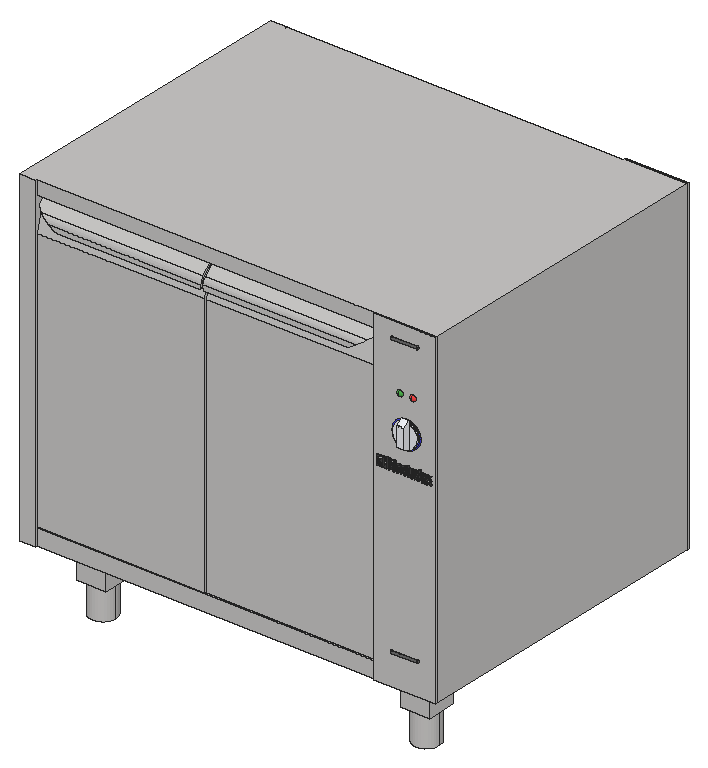
Revit family "QF_ELECTROLUXPROFESSIONAL_121835_TER2PE9DA", category Attrezzature speciali, Revit 2020
Family settings
  Quota connettore circolare = Usa diametro
  Tipo di parte = Normale
  Basato su piano di lavoro = No
  Sempre verticale = Sì
  Taglio con vuoti quando caricato = No
  Condiviso = No
  Punto di calcolo locali = No
Parameters (values of type "Standard")
  Weight = 28.00 kg
  Watts = 1600 W
  Volts = 230 V
  URL Manufacturer = "https://www.electroluxprofessional.com/"
  URL = "https://www.electroluxprofessional.com/"
  Steam Supply Size = 0 mm
  Steam Supply Minimum Pressure = 0.0 Pa
  Steam Supply Maximum Pressure = 0.0 Pa
  Steam Consumption per Hour = 0
  Refrigeration Suction Line Size = 0.0 mm
  Refrigeration Liquid Line Size = 0.0 mm
  Refrigerant Compressor Remote = yes
  Prospetto di default = 0.0 mm
  Phase = 1
  Modello = "TER2PE9DA"
  Produttore = "Electrolux Professional"
  Length Actual = 900.0 mm  # constant formula
  Item Number = "121835"
  Hot Water Size = 0 mm
  Height Actual = 860.0 mm  # constant formula
  HP = "2.1 HP"
  Gas Size = 0 mm
  Gas KW = 0
  Gas Input Pressure = 0 W
  Direct Waste Size = 0 mm
  Descrizione = "HOT CUPB.PASS-THRU 2+2HINGED DOORS 900MM"
  Depth Actual = 680.0 mm  # constant formula
  Cycle = 50 Hz
  Condensate Return Size = 0 mm
  Compressed Air Volume = 0.0 L/s
  Compressed Air Size = 0 mm
  Compressed Air Pressure = 0.0 Pa
  Cold Water Size = 0 mm
  Accessory = yes
Reference planes
  plane 1 "Center (Front/Back)": y = 0
  plane 2: z = 0
  plane 3 "Center (Left/Right)": x = -300
  plane 4 "LEFT": x = -750
  plane 5 "RIGHT": x = 150
  plane 6 "BACK": y = 340
  plane 7 "FRONT": y = -340
  plane 8 "Base": z = 860
  plane 9 "TOP": z = 900
  plane 10: x = -650
  plane 11: x = 50
  plane 12: y = 270
  plane 13: y = -240
  plane 14 "FEET": z = 150
  plane 15: x = 152.5
  plane 16: x = -716
  plane 17: y = -337
  plane 18: y = 297
  plane 19: x = 16
  plane 20 "EIy": x = 118
  plane 21 "EIx": y = -90
  plane 22: y = 337
Forms (mm)
  Extrusion 1, solid, material "QF_Finishes_Stainless Steel"
    sketch origin (0, 0, 150) x (-1, 0, 0) y (0, -1, 0)
      loop
        line (750, -340) -> (750, 340) -> (716, 340) -> (716, -340) -> (750, -340)
      loop
        line (-16, -340) -> (-16, 337) -> (-150, 337) -> (-150, -340) -> (-16, -340)
    from 0 to 710
  Extrusion 2, solid, material "QF_Finishes_Stainless Steel"
    sketch origin (0, 0, 150) x (-1, 0, 0) y (0, -1, 0)
      loop
        line (716, 337) -> (-16, 337) -> (-16, -337) -> (716, -337) -> (716, 337)
    from 0 to 35
  Extrusion 3, solid, material "QF_Finishes_Stainless Steel"
    sketch origin (0, 0, 0) x (1, 0, 0) y (0, 1, 0)
      loop
        line (-716, -337) -> (16, -337) -> (16, 337) -> (-716, 337) -> (-716, -337)
    from 830 to 860
  Extrusion 4, solid, material "QF_Finishes_Stainless Steel"
    sketch origin (0, -340, 0) x (-1, 0, 0) y (0, 0, 1)
      loop
        line (301, 185) -> (301, 187) -> (299, 187) -> (299, 185) -> (301, 185)
    from 45 to 43
  Extrusion 5, solid, material "QF_Finishes_Stainless Steel"
    sketch origin (0, 0, 150) x (-1, 0, 0) y (0, -1, 0)
      loop
        circle (-118, 90) r 10
    from 0 to -5
  Extrusion 6, solid, material "QF_Finishes_Stainless Steel"
    sketch origin (0, 340, 0) x (-1, 0, 0) y (0, 0, -1)
      loop
        line (301, -185) -> (299, -185) -> (299, -187) -> (301, -187) -> (301, -185)
    from 45 to 43
Cuts and joins
  joined: Extrusion 1, Extrusion 3
Lines and regions (mm)
  symbolic lines, style "SpecialityEquipmentHiddenLines"
    curve 1: line (150, -340, 900) -> (150, 340, 900)
    curve 2: line (-750, -344.5, 150) -> (-750, 340, 150)
    curve 3: line (-750, -340, 150) -> (-716, -340, 150)
    curve 4: line (-716, -340, 150) -> (-716, -337, 150)
    curve 5: line (-716, -337, 150) -> (16, -337, 150)
    curve 6: line (16, -337, 150) -> (16, -340, 150)
    curve 7: line (16, -340, 150) -> (150, -340, 150)
    curve 8: line (-750, 340, 150) -> (-716, 340, 150)
    curve 9: line (-716, 340, 150) -> (-716, 337, 150)
    curve 10: line (-716, 337, 150) -> (16, 337, 150)
    curve 11: line (16, 337, 150) -> (16, 340, 150)
    curve 12: line (16, 340, 150) -> (150, 340, 150)
Dimensions and locks
  plane 4 "LEFT" to plane 5 "RIGHT" = 900.0 mm
  equal spacing: plane 4 "LEFT", plane 3 "Center (Left/Right)", plane 5 "RIGHT"
  plane 6 "BACK" to plane 7 "FRONT" = 680.0 mm
  equal spacing: plane 6 "BACK", plane 1 "Center (Front/Back)", plane 7 "FRONT"
  locked: plane 14 "FEET" to level at 150
  locked: plane 4 "LEFT" to plane 10 at 100
  locked: plane 11 to plane 5 "RIGHT" at 100
  locked: plane 4 "LEFT" to plane 16 at 34
  plane 17 to plane 7 "FRONT" = 3.0 mm
  plane 6 "BACK" to plane 18 = 43.0 mm
  locked: plane 6 "BACK" to plane 12 at 70
  locked: plane 13 to plane 7 "FRONT" at 100
  locked: plane 8 "Base" to level at 860
  locked: plane 9 "TOP" to level at 900
  plane 19 to plane 5 "RIGHT" = 134.0 mm
  plane 20 "EIy" to plane 5 "RIGHT" = 32.0 mm
  plane 21 "EIx" to plane 7 "FRONT" = 250.0 mm
  plane 6 "BACK" to plane 22 = 3.0 mm
  nested 6 to nested 7 = 1400.0 mm
  aligned and locked: level to plane 2
  aligned and locked: plane 10 to nested 1
  aligned and locked: plane 11 to nested 2
  aligned and locked: nested 4 to plane 12
  aligned and locked: plane 10 to nested 3
  aligned and locked: nested 3 to plane 12
  aligned and locked: plane 8 "Base" to Extrusion 1
  aligned and locked: plane 6 "BACK" to Extrusion 1 sketch curve
  aligned and locked: Extrusion 1 sketch curve to plane 6 "BACK"
  aligned and locked: Extrusion 1 sketch curve to plane 7 "FRONT"
  aligned and locked: plane 16 to Extrusion 1
  aligned and locked: Extrusion 2 to plane 16
  aligned and locked: plane 8 "Base" to Extrusion 3
  aligned and locked: Extrusion 2 to plane 17
  aligned and locked: Extrusion 3 to plane 17
  aligned and locked: nested 1 to plane 13
  aligned and locked: nested 2 to plane 13
  aligned and locked: plane 19 to Extrusion 3
  aligned and locked: Extrusion 2 sketch curve to plane 19
Automatic sketch dimensions
  curve 1 to plane 5 "RIGHT" = 0.0 mm
  curve 1 to plane 7 "FRONT" = 0.0 mm
  plane 3 "Center (Left/Right)" to Extrusion 4 sketch curve = 1.0 mm
  Extrusion 4 sketch curve to plane 3 "Center (Left/Right)" = 1.0 mm
  plane 14 "FEET" to Extrusion 4 sketch curve = 35.0 mm
  Extrusion 4 sketch curve to Extrusion 4 sketch curve = 2.0 mm
  Extrusion 5 sketch curve to plane 20 "EIy" = 0.0 mm
  Extrusion 5 sketch curve to plane 21 "EIx" = 0.0 mm
  plane 3 "Center (Left/Right)" to Extrusion 6 sketch curve = 1.0 mm
  Extrusion 6 sketch curve to plane 3 "Center (Left/Right)" = 1.0 mm
  plane 14 "FEET" to Extrusion 6 sketch curve = 37.0 mm
  Extrusion 6 sketch curve to Extrusion 6 sketch curve = 2.0 mm
  curve 1 to plane 6 "BACK" = 0.0 mm
  Extrusion 1 sketch curve to plane 5 "RIGHT" = 0.0 mm
  Extrusion 1 sketch curve to plane 17 = 0.0 mm
  Extrusion 1 sketch curve to plane 19 = 0.0 mm
  Extrusion 1 sketch curve to plane 16 = 0.0 mm
  Extrusion 1 sketch curve to plane 4 "LEFT" = 0.0 mm
  Extrusion 2 sketch curve to plane 16 = 0.0 mm
  plane 22 to Extrusion 2 sketch curve = 0.0 mm
  Extrusion 2 sketch curve to plane 17 = 0.0 mm
  curve 7 to plane 5 "RIGHT" = 0.0 mm
  curve 12 to plane 5 "RIGHT" = 0.0 mm
  curve 12 to plane 6 "BACK" = 0.0 mm
  curve 12 to plane 19 = 0.0 mm
  curve 7 to plane 7 "FRONT" = 0.0 mm
  curve 7 to plane 19 = 0.0 mm
  curve 5 to plane 16 = 0.0 mm
  curve 8 to plane 6 "BACK" = 0.0 mm
  curve 8 to plane 16 = 0.0 mm
  curve 2 to plane 4 "LEFT" = 0.0 mm
  plane 22 to curve 9 = 0.0 mm
  curve 4 to plane 17 = 0.0 mm
  curve 4 to plane 7 "FRONT" = 0.0 mm
  curve 3 to curve 2 = 4.5 mm
  Extrusion 3 sketch curve to plane 16 = 0.0 mm
  Extrusion 3 sketch curve to plane 19 = 0.0 mm
  Extrusion 3 sketch curve to plane 17 = 0.0 mm
  plane 22 to Extrusion 3 sketch curve = 0.0 mm
  radius of Extrusion 5 sketch curve = 10.0 mm
Nested families
  nested 1: "FEET_L63-150" at (-650, -240, 0), type "FEET_L63-150"
  nested 2: "FEET_L63-150" at (50, -240, 0), type "FEET_L63-150"
  nested 3: "FEET_L63-150" at (-650, 270, 0), type "FEET_L63-150"
  nested 4: "FEET_L63-150" at (-150, 270, 0), type "FEET_L63-150"
  nested 5: "PANEL_ELX_HOTCUP_134" at (46.958, -337, 150) x (1, 0, 0) z (0, -1, 0), type "PANEL_ELX_HOTCUP_134"
    with Width 134.0 mm, Show Clearance yes
  nested 6: "H637_800_2DOORS" at (-313.958, -297, 150) x (-1, 0, 0) z (0, -1, 0), type "H637_800_2DOORS"
    with Width 800.0 mm, Show Clearance yes
  nested 7: "H637_800_2DOORS" at (-313.958, 297, 150) x (-1, 0, 0) z (0, 1, 0), type "H637_800_2DOORS"
    with Width 800.0 mm, Show Clearance yes
  nested 8: "PANEL_ELX_HOTCUP_134" at (120.042, 340, 150) x (-1, 0, 0) z (0, 1, 0), type "PANEL_ELX_HOTCUP_134"
    with Width 134.0 mm, Show Clearance yes
Connectors
  electrical at (118, -90, 145), driven by "Volts"
    settings: on Extrusion 5, index 1, voltage 230 V, apparent load 0 VA, apparent load phase1 0 VA, apparent load phase2 0 VA, apparent load phase3 0 VA, power factor 1, load classification "Other", number of poles 1, system type 30, power factor state 1, is connector primary yes, connector utility no, sub classification motor no, connector description "Electrical Connection"
Definition of nested family "FEET_L63-150"
  Parameters
    Default Elevation = 0.0 mm
    FEET = 150.0 mm
  Reference planes
    plane 1 "Center (Front/Back)": y = 0
    plane 2: z = 0
    plane 3 "Center (Left/Right)": x = 0
    plane 4: z = 150
  Forms (mm)
    Extrusion 1, solid
      sketch origin (0, 0, 0) x (1, 0, 0) y (0, 1, 0)
        loop
          circle (0, 0) r 28
      from 0 to 67
    Extrusion 2, solid
      sketch origin (0, 0, 0) x (1, 0, 0) y (0, 1, 0)
        loop
          line (31.561, 31.5) -> (-31.439, 31.5) -> (-31.439, -31.5) -> (31.561, -31.5) -> (31.561, 31.5)
      from 67 to 150 <- "FEET"
  Lines and regions (mm)
    symbolic lines
      curve 1: line (0, -1.503, 0) -> (0, 1.508, 0)
      curve 2: line (1.561, 0, 0) -> (-1.439, 0, 0)
  Dimensions and locks
    "FEET": plane 4 to plane 2
    aligned and locked: level to plane 2
  Automatic sketch dimensions
    plane 1 "Center (Front/Back)" to Extrusion 1 sketch curve = 0.0 mm
    Extrusion 1 sketch curve to plane 3 "Center (Left/Right)" = 0.0 mm
    plane 1 "Center (Front/Back)" to curve 2 = 0.0 mm
    curve 1 to plane 3 "Center (Left/Right)" = 0.0 mm
    curve 2 to plane 3 "Center (Left/Right)" = 1.439 mm
    plane 3 "Center (Left/Right)" to curve 2 = 1.561 mm
    plane 1 "Center (Front/Back)" to curve 1 = 1.503 mm
    curve 1 to plane 1 "Center (Front/Back)" = 1.508 mm
    Extrusion 2 sketch curve to plane 1 "Center (Front/Back)" = 31.5 mm
    Extrusion 2 sketch curve to plane 3 "Center (Left/Right)" = 31.439 mm
    plane 3 "Center (Left/Right)" to Extrusion 2 sketch curve = 31.561 mm
    plane 1 "Center (Front/Back)" to Extrusion 2 sketch curve = 31.5 mm
    radius of Extrusion 1 sketch curve = 28.0 mm
Definition of nested family "PANEL_ELX_HOTCUP_134"
  Parameters
    Width [instance] = 134.0 mm
    Show Clearance [instance] = yes
    Model = "727995"
    Height = 710.0 mm
    Default Elevation = 0.0 mm
  Reference planes
    plane 1 "Center (Front/Back)": y = 0
    plane 2: z = 0
    plane 3 "Center (Left/Right)": x = 36.042
    plane 4 "panel": z = 3
    plane 5 "Left": x = -30.958
    plane 6 "Right": x = 103.042
    plane 7: y = 710
    plane 8 "L1": x = 26.042
    plane 9 "L2": x = 54.042
    plane 10: y = 575
  Forms (mm)
    Extrusion 1, solid
      sketch origin (0, -919.2, 0) x (1, 0, 0) y (0, 1, 0)
        loop
          line (-980.5, 2119.2) -> (-980.5, -162.846) -> (881.94, -162.846) -> (881.94, 2119.2) -> (-980.5, 2119.2)
      from 0 to -59.546
    Extrusion 2, solid
      sketch origin (36.042, -190, 0) x (0, 1, 0) y (0, 0, 1)
        loop
          line (190, 3) -> (190, 0) -> (900, 0) -> (900, 3) -> (190, 3)
      from 67 to -67
    Extrusion 3, solid
      sketch origin (0, 0, 0) x (1, 0, 0) y (0, 1, 0)
        loop
          line (9.042, 673.5) -> (63.042, 673.5)
          arc (63.042, 673.5) -> (66.042, 676.5) -> (63.042, 679.5) r 3
          line (63.042, 679.5) -> (9.042, 679.5)
          arc (9.042, 679.5) -> (6.042, 676.5) -> (9.042, 673.5) r 3
        loop
          line (9.042, 65) -> (63.042, 65)
          arc (63.042, 65) -> (66.042, 68) -> (63.042, 71) r 3
          line (63.042, 71) -> (9.042, 71)
          arc (9.042, 71) -> (6.042, 68) -> (9.042, 65) r 3
      from 3 to 4.6
    Extrusion 4, solid
      sketch origin (0, 0, 0) x (1, 0, 0) y (0, 1, 0)
        loop
          circle (40.042, 500) r 30
      from 0 to 5
    Extrusion 5, solid
      sketch origin (0, 0, 0) x (1, 0, 0) y (0, 1, 0)
        loop
          circle (40.042, 500) r 26.788
      from 7 to 5
    Blend 6, solid
      base sketch origin (0, 0, 0) x (1, 0, 0) y (0, 1, 0)
        loop
          arc (48.106, 530.45) -> (40.022, 531.5) -> (31.94, 530.44) r 31.5
          line (31.94, 530.44) -> (31.94, 474.458)
          arc (31.94, 474.458) -> (40.023, 473.209) -> (48.106, 474.454) r 26.815
          line (48.106, 474.454) -> (48.106, 530.45)
      top sketch origin (0, 0, 0) x (1, 0, 0) y (0, 1, 0)
        loop
          arc (47.007, 520.889) -> (40.042, 522.019) -> (33.077, 520.889) r 22.019
          line (33.077, 520.889) -> (33.077, 480.699)
          arc (33.077, 480.699) -> (40.042, 479.481) -> (47.007, 480.699) r 20.519
          line (47.007, 480.699) -> (47.007, 520.889)
      from 7 to 20
    Revolve 7, solid
      sketch origin (26.042, 0, 0) x (0, 1, 0) y (0, 0, 1)
        loop
          line (575, 3) -> (581, 3)
          arc (581, 3) -> (578.606, 5.908) -> (575, 7) r 6.5
          line (575, 7) -> (575, 3)
        axis (575, 7) -> (575, 3)
      angle from 0 to 360
    Revolve 8, solid
      sketch origin (54.042, 0, 0) x (0, 1, 0) y (0, 0, 1)
        loop
          line (575, 3) -> (581, 3)
          arc (581, 3) -> (578.606, 5.908) -> (575, 7) r 6.5
          line (575, 7) -> (575, 3)
        axis (575, 7) -> (575, 3)
      angle from 0 to 360
  Dimensions and locks
    plane 4 "panel" to level = 3.0 mm
    "Width": plane 5 "Left" to plane 6 "Right"
    equal spacing: plane 5 "Left", plane 3 "Center (Left/Right)", plane 6 "Right"
    "Height": plane 1 "Center (Front/Back)" to plane 7
    aligned and locked: plane 2 to Extrusion 1
    aligned and locked: level to Extrusion 1
    aligned and locked: plane 7 to Extrusion 2
    aligned and locked: plane 6 "Right" to Extrusion 2
    aligned and locked: Extrusion 2 to plane 5 "Left"
    aligned and locked: plane 1 "Center (Front/Back)" to Extrusion 2
  Automatic sketch dimensions
    Extrusion 1 sketch curve to Extrusion 1 sketch curve = 1862.44 mm
    Extrusion 1 sketch curve to Extrusion 1 sketch curve = 2282.046 mm
    Extrusion 2 sketch curve to plane 1 "Center (Front/Back)" = 0.0 mm
    Extrusion 2 sketch curve to level = 0.0 mm
    Extrusion 2 sketch curve to plane 7 = 0.0 mm
    Extrusion 2 sketch curve to plane 4 "panel" = 0.0 mm
    Extrusion 3 sketch curve to plane 8 "L1" = 17.0 mm  (x2)
    plane 9 "L2" to Extrusion 3 sketch curve = 9.0 mm  (x2)
    Extrusion 3 sketch curve to plane 1 "Center (Front/Back)" = 65.0 mm
    Extrusion 3 sketch curve to Extrusion 3 sketch curve = 3.0 mm  (x2)
    Extrusion 3 sketch curve to plane 7 = 36.5 mm
    plane 3 "Center (Left/Right)" to Extrusion 4 sketch curve = 4.0 mm
    Extrusion 4 sketch curve to plane 10 = 75.0 mm
    plane 3 "Center (Left/Right)" to Extrusion 5 sketch curve = 4.0 mm
    Extrusion 5 sketch curve to plane 10 = 75.0 mm
    Blend 6 sketch curve to plane 3 "Center (Left/Right)" = 4.102 mm
    plane 3 "Center (Left/Right)" to Blend 6 sketch curve = 3.988 mm
    Blend 6 sketch curve to Blend 6 sketch curve = 0.012 mm
    Blend 6 sketch curve to plane 9 "L2" = 5.936 mm
    Blend 6 sketch curve to plane 10 = 100.546 mm
    Blend 6 sketch curve to Blend 6 sketch curve = 0.004 mm
    Blend 6 sketch curve to Blend 6 sketch curve = 0.024 mm
    Blend 6 sketch curve to Blend 6 sketch curve = 30.416 mm
    Blend 6 sketch curve to Blend 6 sketch curve = 0.0 mm  (x2)
    Blend 6 sketch curve to plane 3 "Center (Left/Right)" = 2.965 mm
    plane 3 "Center (Left/Right)" to Blend 6 sketch curve = 4.0 mm
    Blend 6 sketch curve to plane 9 "L2" = 7.035 mm
    Blend 6 sketch curve to plane 10 = 94.301 mm
    Blend 6 sketch curve to Blend 6 sketch curve = 19.301 mm
    Blend 6 sketch curve to Blend 6 sketch curve = 20.889 mm
    Revolve 7 sketch curve to plane 4 "panel" = 0.0 mm
    Revolve 7 sketch curve to plane 10 = 0.0 mm  (x2)
    plane 10 to Revolve 7 sketch curve = 6.0 mm
    level to Revolve 7 sketch curve = 0.5 mm
    Revolve 7 sketch curve to Revolve 7 sketch curve = 0.57 mm
    Revolve 7 sketch curve to Revolve 7 sketch curve = 2.941 mm
    Revolve 8 sketch curve to plane 4 "panel" = 0.0 mm
    Revolve 8 sketch curve to plane 10 = 0.0 mm  (x2)
    plane 10 to Revolve 8 sketch curve = 6.0 mm
    level to Revolve 8 sketch curve = 0.5 mm
    Revolve 8 sketch curve to Revolve 8 sketch curve = 0.57 mm
    Revolve 8 sketch curve to Revolve 8 sketch curve = 2.941 mm
    radius of Extrusion 4 sketch curve = 30.0 mm
    radius of Extrusion 5 sketch curve = 26.788 mm
  Nested families
    nested 1: "ELX_Professional_Logo_Small" at (36.042, 430.35, 3), type "ELX_Professional_Logo_Small"
      with Show Logo yes, Material_Logo none
  Definition of nested family "ELX_Professional_Logo_Small"
    Parameters
      Show Logo [instance] = yes
      Material_Logo [instance] = none
      Default Elevation = 0.0 mm
    Reference planes
      plane 1 "Centro (Fronte/Retro)": y = 0
      plane 2: z = 0
      plane 3 "Centro (Sinistra/Destra)": x = 0
    Forms (mm)
      Extrusion 1, solid
        sketch origin (0, 0, 0) x (1, 0, 0) y (0, 1, 0)
          loop
            line (-1219.2, 1219.2) -> (-1219.2, -1219.2) -> (1219.2, -1219.2) -> (1219.2, 1219.2) -> (-1219.2, 1219.2)
        from 0 to -304.8
      Extrusion 2, solid, material <- "Material_Logo"
        sketch origin (15.5, 0, 0) x (1, 0, 0) y (0, 1, 0)
          loop
            spline (-42.99, -1.24) -> (-43.195, -1.231) -> (-43.415, -1.203) -> (-43.642, -1.152) -> (-43.87, -1.074) -> (-44.095, -0.966) -> (-44.309, -0.825) -> (-44.506, -0.647) -> (-44.681, -0.429) -> (-44.828, -0.167) -> (-44.94, 0.142) -> (-45.011, 0.501) -> (-45.037, 0.915)
            line (-45.037, 0.915) -> (-45.037, 2.748) -> (-38.984, 2.748) -> (-38.984, 5.086) -> (-45.038, 5.086) -> (-45.038, 8.489) -> (-38.599, 8.489) -> (-38.599, 10.82) -> (-47.515, 10.82) -> (-47.515, 1.021)
            spline (-47.515, 1.021) -> (-47.493, 0.418) -> (-47.425, -0.15) -> (-47.311, -0.682) -> (-47.15, -1.175) -> (-46.939, -1.628) -> (-46.678, -2.038) -> (-46.365, -2.404) -> (-46, -2.723) -> (-45.58, -2.995) -> (-45.105, -3.216) -> (-44.573, -3.385) -> (-43.983, -3.499)
            line (-43.983, -3.499) -> (-43.01, -3.569) -> (-38.426, -3.569) -> (-38.426, -1.24) -> (-42.99, -1.24)
          loop
            line (-36.666, 4.021) -> (-36.666, -3.573) -> (-34.188, -3.573) -> (-34.188, 10.824) -> (-36.666, 10.824) -> (-36.666, 4.021)
          loop
            spline (-21.915, 1.897) -> (-21.957, 2.615) -> (-22.082, 3.303) -> (-22.285, 3.955) -> (-22.563, 4.564) -> (-22.913, 5.124) -> (-23.331, 5.629) -> (-23.814, 6.074) -> (-24.359, 6.451) -> (-24.961, 6.755) -> (-25.618, 6.98) -> (-26.326, 7.119) -> (-27.081, 7.167)
            spline (-27.081, 7.167) -> (-27.853, 7.122) -> (-28.586, 6.99) -> (-29.275, 6.774) -> (-29.915, 6.478) -> (-30.5, 6.104) -> (-31.024, 5.657) -> (-31.483, 5.138) -> (-31.871, 4.553) -> (-32.182, 3.904) -> (-32.411, 3.194) -> (-32.552, 2.427) -> (-32.6, 1.606)
            spline (-32.6, 1.606) -> (-32.553, 0.805) -> (-32.416, 0.057) -> (-32.193, -0.637) -> (-31.887, -1.271) -> (-31.504, -1.843) -> (-31.048, -2.35) -> (-30.523, -2.788) -> (-29.934, -3.154) -> (-29.284, -3.444) -> (-28.579, -3.656) -> (-27.822, -3.785) -> (-27.019, -3.829)
            spline (-27.019, -3.829) -> (-26.627, -3.82) -> (-26.239, -3.79) -> (-25.856, -3.739) -> (-25.477, -3.663) -> (-25.103, -3.562) -> (-24.734, -3.432) -> (-24.369, -3.273) -> (-24.01, -3.082) -> (-23.655, -2.858) -> (-23.305, -2.597) -> (-22.96, -2.299) -> (-22.621, -1.962)
            line (-22.621, -1.962) -> (-24.114, -0.509)
            spline (-24.114, -0.509) -> (-24.311, -0.699) -> (-24.509, -0.872) -> (-24.71, -1.03) -> (-24.915, -1.172) -> (-25.126, -1.297) -> (-25.346, -1.407) -> (-25.576, -1.5) -> (-25.817, -1.576) -> (-26.072, -1.636) -> (-26.342, -1.678) -> (-26.629, -1.704) -> (-26.936, -1.713)
            spline (-26.936, -1.713) -> (-27.384, -1.691) -> (-27.805, -1.625) -> (-28.196, -1.518) -> (-28.556, -1.372) -> (-28.882, -1.187) -> (-29.174, -0.966) -> (-29.429, -0.71) -> (-29.645, -0.422) -> (-29.821, -0.102) -> (-29.955, 0.247) -> (-30.045, 0.623) -> (-30.089, 1.026)
            line (-30.089, 1.026) -> (-21.956, 1.026) -> (-21.915, 1.897)
          loop
            spline (-24.446, 2.769) -> (-24.47, 3.075) -> (-24.54, 3.37) -> (-24.654, 3.65) -> (-24.807, 3.913) -> (-24.996, 4.156) -> (-25.219, 4.376) -> (-25.472, 4.57) -> (-25.753, 4.736) -> (-26.057, 4.869) -> (-26.382, 4.968) -> (-26.724, 5.03) -> (-27.081, 5.051)
            spline (-27.081, 5.051) -> (-27.464, 5.03) -> (-27.832, 4.97) -> (-28.183, 4.872) -> (-28.513, 4.74) -> (-28.819, 4.577) -> (-29.099, 4.384) -> (-29.347, 4.165) -> (-29.563, 3.923) -> (-29.742, 3.659) -> (-29.881, 3.377) -> (-29.977, 3.079) -> (-30.027, 2.769)
            line (-30.027, 2.769) -> (-24.446, 2.769)
          loop
            spline (-18.167, 1.669) -> (-18.138, 2.13) -> (-18.055, 2.567) -> (-17.921, 2.978) -> (-17.739, 3.358) -> (-17.512, 3.705) -> (-17.243, 4.016) -> (-16.937, 4.287) -> (-16.596, 4.517) -> (-16.223, 4.7) -> (-15.823, 4.835) -> (-15.398, 4.919) -> (-14.951, 4.947)
            spline (-14.951, 4.947) -> (-14.677, 4.938) -> (-14.414, 4.913) -> (-14.162, 4.871) -> (-13.921, 4.812) -> (-13.69, 4.738) -> (-13.467, 4.649) -> (-13.254, 4.544) -> (-13.048, 4.424) -> (-12.85, 4.291) -> (-12.659, 4.143) -> (-12.474, 3.981) -> (-12.295, 3.806)
            line (-12.295, 3.806) -> (-10.76, 5.403)
            spline (-10.76, 5.403) -> (-11.065, 5.709) -> (-11.38, 5.984) -> (-11.703, 6.228) -> (-12.035, 6.443) -> (-12.375, 6.63) -> (-12.723, 6.788) -> (-13.078, 6.92) -> (-13.44, 7.026) -> (-13.809, 7.107) -> (-14.184, 7.164) -> (-14.564, 7.198) -> (-14.951, 7.209)
            spline (-14.951, 7.209) -> (-15.725, 7.161) -> (-16.467, 7.02) -> (-17.169, 6.792) -> (-17.826, 6.482) -> (-18.43, 6.096) -> (-18.976, 5.637) -> (-19.455, 5.112) -> (-19.862, 4.525) -> (-20.19, 3.882) -> (-20.433, 3.189) -> (-20.584, 2.449) -> (-20.635, 1.669)
            spline (-20.635, 1.669) -> (-20.584, 0.889) -> (-20.433, 0.149) -> (-20.19, -0.545) -> (-19.862, -1.187) -> (-19.455, -1.774) -> (-18.976, -2.299) -> (-18.43, -2.758) -> (-17.826, -3.145) -> (-17.169, -3.454) -> (-16.467, -3.682) -> (-15.725, -3.823) -> (-14.951, -3.871)
            spline (-14.951, -3.871) -> (-14.564, -3.86) -> (-14.184, -3.826) -> (-13.809, -3.77) -> (-13.44, -3.689) -> (-13.078, -3.583) -> (-12.723, -3.451) -> (-12.375, -3.292) -> (-12.035, -3.105) -> (-11.703, -2.89) -> (-11.38, -2.646) -> (-11.065, -2.371) -> (-10.76, -2.066)
            line (-10.76, -2.066) -> (-12.295, -0.468)
            spline (-12.295, -0.468) -> (-12.474, -0.643) -> (-12.659, -0.805) -> (-12.85, -0.953) -> (-13.048, -1.087) -> (-13.254, -1.206) -> (-13.467, -1.311) -> (-13.69, -1.4) -> (-13.921, -1.475) -> (-14.162, -1.533) -> (-14.414, -1.575) -> (-14.677, -1.6) -> (-14.951, -1.609)
            spline (-14.951, -1.609) -> (-15.398, -1.581) -> (-15.823, -1.497) -> (-16.223, -1.362) -> (-16.596, -1.179) -> (-16.937, -0.95) -> (-17.243, -0.678) -> (-17.512, -0.367) -> (-17.739, -0.02) -> (-17.921, 0.36) -> (-18.055, 0.771) -> (-18.138, 1.208) -> (-18.167, 1.669)
          loop
            spline (-4.441, -1.243) -> (-4.659, -1.247) -> (-4.894, -1.23) -> (-5.137, -1.19) -> (-5.384, -1.121) -> (-5.628, -1.021) -> (-5.864, -0.884) -> (-6.084, -0.708) -> (-6.283, -0.488) -> (-6.454, -0.219) -> (-6.592, 0.101) -> (-6.69, 0.478) -> (-6.742, 0.914)
            line (-6.742, 0.914) -> (-6.742, 4.587) -> (-4.487, 4.587) -> (-4.487, 6.838) -> (-6.738, 6.838) -> (-6.738, 10.824) -> (-9.217, 10.824) -> (-9.217, 0.773)
            spline (-9.217, 0.773) -> (-9.164, 0.19) -> (-9.068, -0.358) -> (-8.928, -0.87) -> (-8.742, -1.343) -> (-8.511, -1.777) -> (-8.232, -2.168) -> (-7.904, -2.515) -> (-7.527, -2.816) -> (-7.098, -3.069) -> (-6.618, -3.273) -> (-6.084, -3.426) -> (-5.496, -3.525)
            line (-5.496, -3.525) -> (-4.45, -3.573) -> (-4.441, -1.243)
          loop
            spline (3.898, 6.983) -> (3.469, 7.009) -> (3.056, 7.001) -> (2.661, 6.961) -> (2.283, 6.888) -> (1.925, 6.785) -> (1.588, 6.652) -> (1.272, 6.49) -> (0.979, 6.301) -> (0.71, 6.085) -> (0.465, 5.844) -> (0.247, 5.578) -> (0.056, 5.289)
            line (0.056, 5.289) -> (0.056, 6.838) -> (-2.402, 6.838) -> (-2.402, -3.572) -> (0.056, -3.572) -> (0.056, 1.901)
            spline (0.056, 1.901) -> (0.079, 2.316) -> (0.145, 2.703) -> (0.254, 3.06) -> (0.404, 3.386) -> (0.592, 3.679) -> (0.818, 3.938) -> (1.08, 4.162) -> (1.375, 4.348) -> (1.703, 4.495) -> (2.062, 4.602) -> (2.45, 4.668) -> (2.865, 4.69)
            line (2.865, 4.69) -> (3.898, 4.586) -> (3.898, 6.983)
          loop
            spline (15.638, 1.633) -> (15.586, 2.396) -> (15.435, 3.124) -> (15.192, 3.81) -> (14.863, 4.449) -> (14.455, 5.034) -> (13.975, 5.56) -> (13.43, 6.021) -> (12.826, 6.411) -> (12.17, 6.724) -> (11.469, 6.955) -> (10.729, 7.098) -> (9.958, 7.147)
            spline (9.958, 7.147) -> (9.182, 7.098) -> (8.44, 6.955) -> (7.737, 6.724) -> (7.081, 6.411) -> (6.477, 6.021) -> (5.933, 5.56) -> (5.454, 5.034) -> (5.048, 4.449) -> (4.721, 3.81) -> (4.479, 3.124) -> (4.329, 2.396) -> (4.277, 1.633)
            spline (4.277, 1.633) -> (4.329, 0.869) -> (4.479, 0.141) -> (4.721, -0.544) -> (5.048, -1.183) -> (5.454, -1.768) -> (5.933, -2.294) -> (6.477, -2.755) -> (7.081, -3.145) -> (7.737, -3.459) -> (8.44, -3.69) -> (9.182, -3.833) -> (9.958, -3.882)
            spline (9.958, -3.882) -> (10.729, -3.833) -> (11.469, -3.69) -> (12.17, -3.459) -> (12.826, -3.145) -> (13.43, -2.755) -> (13.975, -2.294) -> (14.455, -1.768) -> (14.863, -1.183) -> (15.192, -0.544) -> (15.435, 0.141) -> (15.586, 0.869) -> (15.638, 1.633)
          loop
            spline (13.18, 1.633) -> (13.151, 2.083) -> (13.067, 2.513) -> (12.932, 2.918) -> (12.748, 3.296) -> (12.52, 3.642) -> (12.251, 3.954) -> (11.943, 4.227) -> (11.601, 4.459) -> (11.228, 4.645) -> (10.828, 4.782) -> (10.403, 4.867) -> (9.958, 4.896)
            spline (9.958, 4.896) -> (9.509, 4.867) -> (9.081, 4.782) -> (8.679, 4.645) -> (8.306, 4.459) -> (7.964, 4.227) -> (7.658, 3.954) -> (7.39, 3.642) -> (7.163, 3.296) -> (6.981, 2.918) -> (6.847, 2.513) -> (6.765, 2.083) -> (6.736, 1.633)
            spline (6.736, 1.633) -> (6.765, 1.182) -> (6.847, 0.753) -> (6.981, 0.347) -> (7.163, -0.031) -> (7.39, -0.377) -> (7.658, -0.689) -> (7.964, -0.962) -> (8.306, -1.193) -> (8.679, -1.38) -> (9.081, -1.517) -> (9.509, -1.602) -> (9.958, -1.631)
            spline (9.958, -1.631) -> (10.403, -1.602) -> (10.828, -1.517) -> (11.228, -1.38) -> (11.601, -1.193) -> (11.943, -0.962) -> (12.251, -0.689) -> (12.52, -0.377) -> (12.748, -0.031) -> (12.932, 0.347) -> (13.067, 0.753) -> (13.151, 1.182) -> (13.18, 1.633)
          loop
            line (17.162, 4.269) -> (17.162, -3.573) -> (19.642, -3.573) -> (19.642, 10.824) -> (17.162, 10.824) -> (17.162, 4.269)
          loop
            line (28.581, 6.838) -> (28.581, 0.786)
            spline (28.581, 0.786) -> (28.561, 0.393) -> (28.503, 0.038) -> (28.409, -0.279) -> (28.281, -0.559) -> (28.122, -0.802) -> (27.933, -1.011) -> (27.717, -1.185) -> (27.476, -1.325) -> (27.213, -1.433) -> (26.929, -1.509) -> (26.626, -1.554) -> (26.308, -1.569)
            spline (26.308, -1.569) -> (25.99, -1.554) -> (25.688, -1.509) -> (25.404, -1.434) -> (25.141, -1.326) -> (24.9, -1.187) -> (24.684, -1.014) -> (24.496, -0.807) -> (24.336, -0.565) -> (24.209, -0.288) -> (24.115, 0.026) -> (24.057, 0.376) -> (24.037, 0.765)
            line (24.037, 0.765) -> (24.037, 6.838) -> (21.537, 6.838) -> (21.537, 0.558)
            spline (21.537, 0.558) -> (21.581, -0.153) -> (21.71, -0.8) -> (21.916, -1.384) -> (22.195, -1.904) -> (22.54, -2.362) -> (22.944, -2.757) -> (23.403, -3.09) -> (23.909, -3.362) -> (24.456, -3.572) -> (25.04, -3.722) -> (25.652, -3.811) -> (26.288, -3.841)
            spline (26.288, -3.841) -> (26.929, -3.811) -> (27.547, -3.72) -> (28.135, -3.568) -> (28.687, -3.355) -> (29.197, -3.079) -> (29.66, -2.741) -> (30.068, -2.341) -> (30.415, -1.877) -> (30.696, -1.349) -> (30.905, -0.757) -> (31.034, -0.101) -> (31.079, 0.621)
            line (31.079, 0.621) -> (31.079, 6.838) -> (28.581, 6.838)
          loop
            line (40.457, -0.243) -> (38.894, 1.942) -> (40.83, 4.579) -> (42.488, 6.837) -> (39.782, 6.837) -> (37.53, 3.719) -> (35.258, 6.837) -> (32.573, 6.837) -> (34.113, 4.731) -> (36.167, 1.922) -> (34.014, -1.076) -> (32.222, -3.573) -> (34.887, -3.573) -> (37.53, 0.104) -> (40.174, -3.573) -> (42.839, -3.573) -> (40.457, -0.243)
          loop
            line (-46.121, -5.837) -> (-48.039, -5.837) -> (-48.039, -10.814) -> (-47.016, -10.814) -> (-47.016, -9.128) -> (-46.121, -9.128)
            arc (-46.121, -9.128) -> (-44.476, -7.482) -> (-46.121, -5.837) r 1.645
          loop
            line (-46.163, -6.778) -> (-47.016, -6.778) -> (-47.016, -8.187) -> (-46.163, -8.187)
            arc (-46.163, -8.187) -> (-45.458, -7.482) -> (-46.163, -6.778) r 0.704
          loop
            line (-38.313, -5.837) -> (-40.265, -5.837) -> (-40.265, -10.814) -> (-39.241, -10.814) -> (-39.241, -9.1) -> (-38.46, -9.182) -> (-37.48, -10.814) -> (-36.318, -10.814) -> (-37.513, -8.848)
            arc (-37.513, -8.848) -> (-36.888, -8.266) -> (-36.671, -7.441) r 1.536
            arc (-36.671, -7.441) -> (-37.165, -6.305) -> (-38.313, -5.837) r 1.643
          loop
            arc (-38.402, -8.166) -> (-37.707, -7.505) -> (-38.334, -6.778) r 0.696
            line (-38.334, -6.778) -> (-39.241, -6.778) -> (-39.241, -8.166) -> (-38.402, -8.166)
          loop
            circle (-29.965, -8.325) r 2.585
          loop
            circle (-29.965, -8.325) r 1.64
          loop
            line (-23.1, -5.837) -> (-23.1, -10.814) -> (-22.076, -10.814) -> (-22.076, -8.768) -> (-20.204, -8.768) -> (-20.204, -7.828) -> (-22.076, -7.828) -> (-22.076, -6.778) -> (-20.024, -6.778) -> (-20.024, -5.837) -> (-23.1, -5.837)
          loop
            line (-15.802, -5.837) -> (-15.802, -9.2)
            arc (-15.802, -9.2) -> (-15.343, -10.34) -> (-14.209, -10.814) r 1.593
            line (-14.209, -10.814) -> (-12.602, -10.814) -> (-12.602, -10.027) -> (-14.004, -10.027)
            arc (-14.004, -10.027) -> (-14.552, -9.8) -> (-14.779, -9.252) r 0.775
            line (-14.779, -9.252) -> (-14.779, -8.424) -> (-12.789, -8.424) -> (-12.789, -7.642) -> (-14.779, -7.642) -> (-14.779, -6.778) -> (-12.651, -6.778) -> (-12.651, -5.837) -> (-15.802, -5.837)
          loop
            line (-5.909, -7.143) -> (-5.173, -6.638)
            arc (-5.173, -6.638) -> (-5.855, -5.974) -> (-6.781, -5.755) r 1.782
            arc (-6.781, -5.755) -> (-7.397, -5.878) -> (-7.944, -6.189) r 1.974
            arc (-7.944, -6.189) -> (-8.202, -6.5) -> (-8.317, -6.888) r 1.013
            arc (-8.317, -6.888) -> (-8.306, -7.341) -> (-8.192, -7.78) r 1.985
            arc (-8.192, -7.78) -> (-7.749, -8.259) -> (-7.171, -8.563) r 1.928
            arc (-7.171, -8.563) -> (-6.637, -8.779) -> (-6.131, -9.056) r 5.041
            arc (-6.131, -9.056) -> (-5.934, -9.387) -> (-6.09, -9.74) r 0.42
            arc (-6.09, -9.74) -> (-6.631, -9.96) -> (-7.204, -9.845) r 1.016
            arc (-7.204, -9.845) -> (-7.625, -9.603) -> (-7.889, -9.196) r 1.033
            line (-7.889, -9.196) -> (-8.67, -9.686)
            arc (-8.67, -9.686) -> (-8.361, -10.198) -> (-7.908, -10.589) r 1.914
            arc (-7.908, -10.589) -> (-7.334, -10.834) -> (-6.714, -10.896) r 2.063
            arc (-6.714, -10.896) -> (-5.947, -10.743) -> (-5.256, -10.376) r 2.696
            arc (-5.256, -10.376) -> (-4.95, -9.565) -> (-5.108, -8.712) r 1.618
            arc (-5.108, -8.712) -> (-5.448, -8.319) -> (-5.884, -8.035) r 1.876
            arc (-5.884, -8.035) -> (-6.434, -7.789) -> (-6.999, -7.577) r 9.883
            arc (-6.999, -7.577) -> (-7.325, -7.07) -> (-6.854, -6.694) r 0.45
            arc (-6.854, -6.694) -> (-6.329, -6.809) -> (-5.909, -7.143) r 1.197
          loop
            line (1.61, -7.143) -> (2.345, -6.638)
            arc (2.345, -6.638) -> (1.663, -5.974) -> (0.737, -5.755) r 1.782
            arc (0.737, -5.755) -> (0.121, -5.878) -> (-0.425, -6.189) r 1.974
            arc (-0.425, -6.189) -> (-0.683, -6.5) -> (-0.799, -6.888) r 1.013
            arc (-0.799, -6.888) -> (-0.788, -7.341) -> (-0.674, -7.78) r 1.985
            arc (-0.674, -7.78) -> (-0.231, -8.259) -> (0.347, -8.563) r 1.928
            arc (0.347, -8.563) -> (0.881, -8.779) -> (1.387, -9.056) r 5.041
            arc (1.387, -9.056) -> (1.584, -9.387) -> (1.428, -9.74) r 0.42
            arc (1.428, -9.74) -> (0.887, -9.96) -> (0.314, -9.845) r 1.016
            arc (0.314, -9.845) -> (-0.107, -9.603) -> (-0.371, -9.196) r 1.033
            line (-0.371, -9.196) -> (-1.152, -9.686)
            arc (-1.152, -9.686) -> (-0.842, -10.198) -> (-0.39, -10.589) r 1.914
            arc (-0.39, -10.589) -> (0.184, -10.834) -> (0.804, -10.896) r 2.063
            arc (0.804, -10.896) -> (1.572, -10.743) -> (2.263, -10.376) r 2.696
            arc (2.263, -10.376) -> (2.568, -9.565) -> (2.411, -8.712) r 1.618
            arc (2.411, -8.712) -> (2.07, -8.319) -> (1.635, -8.035) r 1.876
            arc (1.635, -8.035) -> (1.084, -7.789) -> (0.519, -7.577) r 9.883
            arc (0.519, -7.577) -> (0.193, -7.07) -> (0.665, -6.694) r 0.45
            arc (0.665, -6.694) -> (1.189, -6.809) -> (1.61, -7.143) r 1.197
          loop
            line (6.801, -5.837) -> (6.801, -10.814) -> (7.825, -10.814) -> (7.825, -5.837) -> (6.801, -5.837)
          loop
            circle (14.724, -8.325) r 1.548
          loop
            circle (14.724, -8.325) r 2.585
          loop
            line (21.59, -10.814) -> (22.623, -10.814) -> (22.623, -7.685) -> (24.9, -10.814) -> (25.895, -10.814) -> (25.895, -5.837) -> (24.861, -5.837) -> (24.861, -9.061) -> (22.585, -5.837) -> (21.59, -5.837) -> (21.59, -10.814)
          loop
            line (31.054, -10.814) -> (31.539, -9.74) -> (33.38, -9.74) -> (33.865, -10.814) -> (34.965, -10.814) -> (32.46, -5.837) -> (29.956, -10.814) -> (31.054, -10.814)
          loop
            line (32.46, -7.698) -> (31.999, -8.719) -> (32.921, -8.719) -> (32.46, -7.698)
          loop
            line (40.047, -9.873) -> (40.047, -5.837) -> (39.024, -5.837) -> (39.024, -10.814) -> (41.961, -10.814) -> (41.961, -9.873) -> (40.047, -9.873)
          loop
            line (-74.986, -10.814) -> (-53.322, -10.814) -> (-53.322, 10.82) -> (-74.986, 10.82) -> (-74.986, -10.814)
          loop
            line (-61.261, 9.758) -> (-61.261, -9.707)
            arc (-61.261, -9.707) -> (-54.066, 0.025) -> (-61.261, 9.758) r 10.18
          loop
            line (-62.251, 8.349) -> (-62.251, 9.758)
            arc (-62.251, 9.758) -> (-70.347, 7.918) -> (-74.247, 0.59) r 9.976
            line (-74.247, 0.59) -> (-71.026, 0.59)
            arc (-71.026, 0.59) -> (-65.274, 2.925) -> (-62.251, 8.349) r 9.351
          loop
            arc (-74.247, -0.539) -> (-70.353, -7.928) -> (-62.251, -9.957) r 10.237
            line (-62.251, -9.957) -> (-62.251, -8.298)
            arc (-62.251, -8.298) -> (-65.274, -2.874) -> (-71.026, -0.539) r 9.351
            line (-71.026, -0.539) -> (-74.247, -0.539)
        from 0 to 1.644
    Dimensions and locks
      aligned and locked: plane 2 to Extrusion 1
      aligned and locked: level to Extrusion 1
Definition of nested family "H637_800_2DOORS"
  Parameters
    Width [instance] = 800.0 mm
    Show Clearance [instance] = yes
    Model = "727995"
    Height = 710.0 mm
    Default Elevation = 0.0 mm
  Reference planes
    plane 1 "Center (Front/Back)": y = 0
    plane 2: z = 0
    plane 3 "Center (Left/Right)": x = 36.042
    plane 4 "panel": z = 25
    plane 5 "Left": x = -363.958
    plane 6 "Right": x = 436.042
    plane 7: y = 710
    plane 8: z = 45
    plane 9: x = 399.042
    plane 10: x = -326.958
    plane 11: y = 672
    plane 12: y = 38
    plane 13: z = 403
    plane 14: x = 33.762
    plane 15: x = 38.322
  Forms (mm)
    Extrusion 1, solid
      sketch origin (0, -919.2, 0) x (1, 0, 0) y (0, 1, 0)
        loop
          line (-980.5, 2119.2) -> (-980.5, -162.846) -> (881.94, -162.846) -> (881.94, 2119.2) -> (-980.5, 2119.2)
      from 0 to -59.546
    Extrusion 2, solid
      sketch origin (36.042, -219.693, 0) x (0, 1, 0) y (0, 0, 1)
        loop
          line (848.63, 49.734) -> (848.63, 47.734) -> (858.98, 47.734)
          arc (858.98, 47.734) -> (865.586, 46.42) -> (871.186, 42.679) r 17.261
          line (871.186, 42.679) -> (888.019, 25.845) -> (891.693, 25) -> (872.6, 44.093)
          arc (872.6, 44.093) -> (866.351, 48.268) -> (858.98, 49.734) r 19.261
          line (858.98, 49.734) -> (848.63, 49.734)
      from 2.28 to 363
    Extrusion 3, void
      sketch origin (0, -219.693, 25) x (1, 0, 0) y (0, 1, 0)
        loop
          line (404.066, 839.859) -> (404.066, 882.225) -> (399.042, 882.225)
          arc (399.042, 882.225) -> (398.688, 880.688) -> (397.873, 879.339) r 5
          line (397.873, 879.339) -> (355.197, 850.51)
          arc (355.197, 850.51) -> (352.266, 849.11) -> (349.054, 848.63) r 10.974
          line (349.054, 848.63) -> (43.082, 848.63)
          arc (43.082, 848.63) -> (39.716, 850.024) -> (38.322, 853.39) r 4.76
          line (38.322, 853.39) -> (38.322, 839.859) -> (404.066, 839.859)
      from 0 to 27.674
    Extrusion 4, solid
      sketch origin (36.042, -190, 0) x (0, 1, 0) y (0, 0, 1)
        loop
          line (228, 40) -> (228, 0) -> (862, 0) -> (862, 25) -> (796.797, 40) -> (228, 40)
      from 363 to 2.28
    Extrusion 5, solid
      sketch origin (36.042, -219.693, 0) x (0, 1, 0) y (0, 0, -1)
        loop
          line (848.63, -49.734) -> (858.98, -49.734)
          arc (858.98, -49.734) -> (866.351, -48.268) -> (872.6, -44.093) r 19.261
          line (872.6, -44.093) -> (891.693, -25) -> (888.019, -25.845) -> (871.186, -42.679)
          arc (871.186, -42.679) -> (865.586, -46.42) -> (858.98, -47.734) r 17.261
          line (858.98, -47.734) -> (848.63, -47.734) -> (848.63, -49.734)
      from 2.28 to 363
    Extrusion 6, void
      sketch origin (72.084, -219.693, 25) x (-1, 0, 0) y (0, -1, 0)
        loop
          line (404.066, -839.859) -> (38.322, -839.859) -> (38.322, -853.39)
          arc (38.322, -853.39) -> (39.716, -850.024) -> (43.082, -848.63) r 4.76
          line (43.082, -848.63) -> (349.054, -848.63)
          arc (349.054, -848.63) -> (352.266, -849.11) -> (355.197, -850.51) r 10.974
          line (355.197, -850.51) -> (397.873, -879.339)
          arc (397.873, -879.339) -> (398.688, -880.688) -> (399.042, -882.225) r 5
          line (399.042, -882.225) -> (404.066, -882.225) -> (404.066, -839.859)
      from 0 to 27.674
    Extrusion 7, solid
      sketch origin (36.042, -190, 0) x (0, 1, 0) y (0, 0, -1)
        loop
          line (228, -40) -> (796.797, -40) -> (862, -25) -> (862, 0) -> (228, 0) -> (228, -40)
      from 363 to 2.28
    Extrusion 8, solid, detail levels coarse
      sketch origin (0, 0, 0) x (1, 0, 0) y (0, 0, 1)
        loop
          arc (33.762, 49.734) -> (-69.613, 304.977) -> (-326.958, 403) r 344.617
          line (-326.958, 403) -> (-326.958, 49.734) -> (33.762, 49.734)
        loop
          line (38.322, 49.734) -> (399.042, 49.734) -> (399.042, 403)
          arc (399.042, 403) -> (141.697, 304.977) -> (38.322, 49.734) r 344.617
      from -672 to -38
  Cuts and joins
    Extrusion 3, Extrusion 6 cuts Extrusion 2
    Extrusion 6 cuts Extrusion 4
    Extrusion 6 cuts Extrusion 5
  Lines and regions (mm)
    symbolic lines
      curve 1: line (399.042, 0, 40) -> (399.042, 0, 403)
      curve 2: line (367.735, 0, 49.734) -> (38.322, 0, 49.734)
      curve 3: spline (387.459, 0, 44.389) -> (385.921, 0, 45.265) -> (384.356, 0, 46.066) -> (382.765, 0, 46.791) -> (381.151, 0, 47.437) -> (379.517, 0, 48.005) -> (377.865, 0, 48.493) -> (376.198, 0, 48.9) -> (374.519, 0, 49.226) -> (372.831, 0, 49.471) -> (371.136, 0, 49.633) -> (369.436, 0, 49.712) -> (367.736, 0, 49.71)
      curve 4: line (393.956, 0, 40) -> (387.459, 0, 44.389)
      curve 5: arc (38.322, 0, 49.734) -> (141.697, 0, 304.977) -> (399.042, 0, 403) r 344.617
      curve 6: arc (33.762, 0, 49.734) -> (-69.613, 0, 304.977) -> (-326.958, 0, 403) r 344.617
      curve 7: line (-326.958, 0, 403) -> (-326.958, 0, 40)
      curve 8: spline (-315.375, 0, 44.389) -> (-313.837, 0, 45.265) -> (-312.272, 0, 46.066) -> (-310.681, 0, 46.791) -> (-309.067, 0, 47.437) -> (-307.433, 0, 48.005) -> (-305.781, 0, 48.493) -> (-304.114, 0, 48.9) -> (-302.435, 0, 49.226) -> (-300.747, 0, 49.471) -> (-299.052, 0, 49.633) -> (-297.352, 0, 49.712) -> (-295.652, 0, 49.71)
      curve 9: line (-321.872, 0, 40) -> (-315.375, 0, 44.389)
      curve 10: line (33.762, 0, 49.734) -> (33.762, 0, 40)
      curve 11: line (38.322, 0, 40) -> (38.322, 0, 49.734)
      curve 12: line (33.762, 0, 49.734) -> (-296.238, 0, 49.734)
  Dimensions and locks
    plane 4 "panel" to level = 25.0 mm
    "Width": plane 5 "Left" to plane 6 "Right"
    equal spacing: plane 5 "Left", plane 3 "Center (Left/Right)", plane 6 "Right"
    "Height": plane 1 "Center (Front/Back)" to plane 7
    plane 9 to plane 6 "Right" = 37.0 mm
    plane 5 "Left" to plane 10 = 37.0 mm
    plane 7 to plane 11 = 38.0 mm
    plane 1 "Center (Front/Back)" to plane 12 = 38.0 mm
    plane 10 to plane 9 = 726.0 mm
    aligned and locked: plane 2 to Extrusion 1
    aligned and locked: level to Extrusion 1
    aligned and locked: plane 9 to Extrusion 2
    aligned and locked: plane 9 to Extrusion 4
  Automatic sketch dimensions
    Extrusion 1 sketch curve to Extrusion 1 sketch curve = 1862.44 mm
    Extrusion 1 sketch curve to Extrusion 1 sketch curve = 2282.046 mm
    Extrusion 2 sketch curve to Extrusion 2 sketch curve = 0.0 mm  (x2)
    Extrusion 2 sketch curve to plane 4 "panel" = 0.0 mm
    Extrusion 2 sketch curve to plane 11 = 0.0 mm
    plane 4 "panel" to Extrusion 2 sketch curve = 0.845 mm
    Extrusion 2 sketch curve to plane 11 = 3.674 mm
    Extrusion 2 sketch curve to plane 8 = 0.907 mm
    Extrusion 2 sketch curve to plane 11 = 19.093 mm
    Extrusion 2 sketch curve to plane 8 = 2.321 mm
    Extrusion 2 sketch curve to Extrusion 2 sketch curve = 1.414 mm
    plane 4 "panel" to Extrusion 2 sketch curve = 5.474 mm
    Extrusion 2 sketch curve to Extrusion 2 sketch curve = 12.205 mm
    Extrusion 2 sketch curve to Extrusion 2 sketch curve = 10.351 mm
    Extrusion 4 sketch curve to plane 12 = 0.0 mm
    Extrusion 4 sketch curve to plane 4 "panel" = 0.0 mm
    Extrusion 4 sketch curve to plane 11 = 0.0 mm
    Extrusion 4 sketch curve to level = 0.0 mm
    Extrusion 4 sketch curve to plane 8 = 5.0 mm
    Extrusion 4 sketch curve to plane 11 = 65.203 mm
    Extrusion 5 sketch curve to Extrusion 5 sketch curve = 0.0 mm  (x2)
    Extrusion 5 sketch curve to plane 4 "panel" = 0.0 mm
    Extrusion 5 sketch curve to plane 11 = 0.0 mm
    plane 4 "panel" to Extrusion 5 sketch curve = 0.845 mm
    Extrusion 5 sketch curve to plane 11 = 3.674 mm
    Extrusion 5 sketch curve to plane 8 = 0.907 mm
    Extrusion 5 sketch curve to plane 11 = 19.093 mm
    Extrusion 5 sketch curve to plane 8 = 2.321 mm
    Extrusion 5 sketch curve to Extrusion 5 sketch curve = 1.414 mm
    plane 4 "panel" to Extrusion 5 sketch curve = 5.474 mm
    Extrusion 5 sketch curve to Extrusion 5 sketch curve = 12.205 mm
    Extrusion 5 sketch curve to Extrusion 5 sketch curve = 10.351 mm
    Extrusion 6 sketch curve to plane 14 = 0.0 mm
    Extrusion 6 sketch curve to plane 10 = 0.0 mm
    Extrusion 6 sketch curve to plane 14 = 4.76 mm
    plane 10 to Extrusion 6 sketch curve = 49.988 mm
    Extrusion 6 sketch curve to Extrusion 6 sketch curve = 6.143 mm
    plane 10 to Extrusion 6 sketch curve = 4.988 mm
    plane 10 to Extrusion 6 sketch curve = 1.169 mm
    Extrusion 6 sketch curve to plane 10 = 5.024 mm
    plane 11 to Extrusion 6 sketch curve = 51.834 mm
    Extrusion 6 sketch curve to Extrusion 6 sketch curve = 8.771 mm
    Extrusion 6 sketch curve to Extrusion 6 sketch curve = 1.88 mm
    plane 11 to Extrusion 6 sketch curve = 12.354 mm
    Extrusion 6 sketch curve to Extrusion 6 sketch curve = 2.886 mm
    Extrusion 7 sketch curve to plane 12 = 0.0 mm
    Extrusion 7 sketch curve to plane 4 "panel" = 0.0 mm
    Extrusion 7 sketch curve to plane 11 = 0.0 mm
    Extrusion 7 sketch curve to level = 0.0 mm
    Extrusion 7 sketch curve to plane 8 = 5.0 mm
    Extrusion 7 sketch curve to plane 11 = 65.203 mm
    Extrusion 3 sketch curve to plane 15 = 0.0 mm
    Extrusion 3 sketch curve to plane 9 = 0.0 mm
    Extrusion 3 sketch curve to Extrusion 3 sketch curve = 4.76 mm
    Extrusion 3 sketch curve to plane 9 = 49.988 mm
    Extrusion 3 sketch curve to Extrusion 3 sketch curve = 6.143 mm
    Extrusion 3 sketch curve to plane 9 = 4.988 mm
    Extrusion 3 sketch curve to plane 9 = 1.169 mm
    plane 9 to Extrusion 3 sketch curve = 5.024 mm
    Extrusion 3 sketch curve to plane 11 = 51.834 mm
    Extrusion 3 sketch curve to Extrusion 3 sketch curve = 8.771 mm
    Extrusion 3 sketch curve to Extrusion 3 sketch curve = 1.88 mm
    Extrusion 3 sketch curve to plane 11 = 12.354 mm
    Extrusion 3 sketch curve to Extrusion 3 sketch curve = 2.886 mm
    plane 10 to Extrusion 8 sketch curve = 0.0 mm
    plane 14 to Extrusion 8 sketch curve = 0.0 mm
    Extrusion 8 sketch curve to plane 15 = 0.0 mm
    Extrusion 8 sketch curve to plane 9 = 0.0 mm
    Extrusion 8 sketch curve to plane 13 = 0.0 mm  (x2)
    plane 8 to Extrusion 8 sketch curve = 13.765 mm  (x2)
    Extrusion 8 sketch curve to Extrusion 8 sketch curve = 16.222 mm  (x2)
    plane 10 to curve 7 = 0.0 mm
    plane 14 to curve 10 = 0.0 mm
    curve 11 to plane 15 = 0.0 mm
    curve 5 to plane 9 = 0.0 mm
    curve 5 to plane 13 = 0.0 mm
    curve 6 to plane 13 = 0.0 mm
    curve 9 to plane 8 = 0.611 mm
    curve 9 to plane 10 = 11.583 mm
    plane 8 to curve 6 = 13.765 mm
    curve 9 to curve 6 = 4.639 mm
    plane 8 to curve 5 = 13.765 mm
    curve 5 to curve 1 = 16.222 mm
    curve 4 to plane 8 = 0.611 mm
    curve 4 to plane 9 = 11.583 mm
    curve 7 to curve 9 = 5.086 mm
    curve 8 to level = 1.281 mm
    curve 8 to plane 10 = 30.398 mm
    curve 8 to curve 12 = 0.322 mm
    curve 12 to curve 8 = 0.586 mm
    curve 2 to curve 5 = 15.085 mm
    curve 2 to curve 3 = 0.0 mm
    curve 3 to level = 1.281 mm
    curve 3 to plane 9 = 30.398 mm
    curve 4 to plane 9 = 5.086 mm
    curve 4 to plane 8 = 5.0 mm
    curve 11 to plane 8 = 5.0 mm
    curve 10 to curve 11 = 0.0 mm
    curve 1 to plane 8 = 5.0 mm
    curve 9 to plane 8 = 5.0 mm
    curve 7 to plane 8 = 5.0 mm
    curve 8 to curve 12 = 0.025 mm
    curve 3 to curve 2 = 0.025 mm
